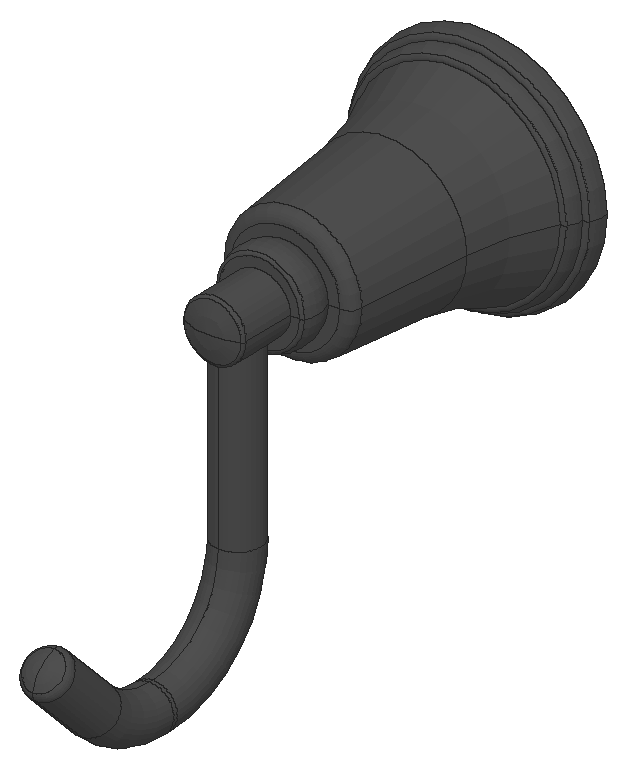
Revit family "Reece_Accessory_Posh_Canterbury_Robe Hook", category Plumbing Fixtures, Revit 2018
Family settings
  Round Connector Dimension = Use Diameter
  Part Type = Normal
  Work Plane-Based = Yes
  Always vertical = Yes
  Cut with Voids When Loaded = Yes
  Shared = Yes
  Room Calculation Point = Yes
Parameters (values of type "Matte Black")
  URL = "https://www.reece.com.au/product/-9509187"
  Type Comments = "Accessory"
  Reece_Product_Web Page = "https://www.reece.com.au/product/-9509187"
  Reece_Product_Type = "Accessory"  # constant formula
  Reece_Product_Sub Brand = "Canterbury"  # constant formula
  Reece_Product_Number = "9509187"
  Reece_Product_Mount = "Wall Mounted"
  Reece_Product_Description = "Posh Canterbury Robe Hook Matte Black"
  Reece_Product_Brand = "Posh"  # constant formula
  Reece_Overall_Width = 114 mm  # constant formula
  Reece_Overall_Height = 91 mm  # constant formula
  Reece_Overall_Diameter = 50 mm  # constant formula
  Reece_Material_Main = Reece_Brass_Matte Black
  Reece_Height_From_Level [instance] = 1000 mm
  Reece_Detail_Installation = "Wall Mounted"  # constant formula
  Reece_Detail_Disclaimer = "THIS FILE IS THE PROPERTY OF THE REECE GROUP. IT MAY NOT BE REPRODUCED, REVERSE-ENGINEERED OR MODIFIED. ANY REPUBLICATION, TRANSMISSION OR DISTRIBUTION FOR THE PURPOSE OF COMMERCIALLY EXPLOITING THE FILES IS PROHIBITED."  # constant formula
  Reece_Detail_Additional = "Robe Hook"  # constant formula
  Model = "Canterbury"
  Manufacturer = "Posh"
  Keynote = "Product #9509187, Reece_Accessory_Posh_Canterbury_Robe Hook - Matte Black"
  Disclaimer = "THIS FILE IS THE PROPERTY OF THE REECE GROUP. IT MAY NOT BE REPRODUCED, REVERSE-ENGINEERED OR MODIFIED. ANY REPUBLICATION, TRANSMISSION OR DISTRIBUTION FOR THE PURPOSE OF COMMERCIALLY EXPLOITING THE FILES IS PROHIBITED."  # constant formula
  Description = "Posh Canterbury Robe Hook Matte Black"
  Default Elevation = 0 mm
Types (3, lengths in mm): name | URL | Reece_Product_Web Page | Reece_Product_Number | Reece_Product_Description | Reece_Material_Main | Keynote | Description
  Chrome | "https://www.reece.com.au/product/-9508452" | "https://www.reece.com.au/product/-9508452" | "9508452" | "Posh Canterbury Robe Hook Chrome" | Reece_Brass_Chrome | "Product #9508452, Reece_Accessory_Posh_Canterbury_Robe Hook - Chrome" | "Posh Canterbury Robe Hook Chrome"
  Matte Black | "https://www.reece.com.au/product/-9509187" | "https://www.reece.com.au/product/-9509187" | "9509187" | "Posh Canterbury Robe Hook Matte Black" | Reece_Brass_Matte Black | "Product #9509187, Reece_Accessory_Posh_Canterbury_Robe Hook - Matte Black" | "Posh Canterbury Robe Hook Matte Black"
  Brass Gold | "https://www.reece.com.au/product/-9508453" | "https://www.reece.com.au/product/-9508453" | "9508453" | "Posh Canterbury Robe Hook Polished Brass Gold" | Reece_Brass_Gold | "Product #9508453, Reece_Accessory_Posh_Canterbury_Robe Hook - Brass Gold" | "Posh Canterbury Robe Hook Brass Gold"
Reference planes
  plane 1 "Center (Front/Back)": y = 0
  plane 2 "Bottom Host Plane": z = -5
  plane 3 "Center (Left/Right)": x = 0
  plane 4 "Height From Floor": z = 1000
  plane 5: y = -114
  plane 6: x = -25
  plane 7: x = 25
  plane 8: z = 1025
  plane 9: z = 934
Lines and regions (mm)
  model lines, style "InvisibleLines"
    curve 1: line (0, 0, -5) -> (0, 0, 1000)
Text (mm)
  text "Reece ©" at (2668.853, -2395.367, 2952.593), in view "Reece Preview"
  text "Reece Copyright © 2018, Reece Ltd." at (-247.475, -190.626, 0), in view "Ref. Level"
Dimensions and locks
  plane 2 "Bottom Host Plane" to level = 5 mm
  locked: level to plane 2 "Bottom Host Plane" at 5
  "Reece_Height_From_Level": plane 4 "Height From Floor" to level
  "Reece_Overall_Width": plane 1 "Center (Front/Back)" to plane 5
  equal spacing: plane 6, plane 3 "Center (Left/Right)", plane 7
  "Reece_Overall_Diameter": plane 7 to plane 6
  locked: plane 8 to plane 4 "Height From Floor" at 25
  "Reece_Overall_Height": plane 8 to plane 9
  aligned and locked: plane 2 "Bottom Host Plane" to curve 1
  aligned and locked: plane 4 "Height From Floor" to curve 1
  aligned and locked: plane 4 "Height From Floor" to nested 1
Automatic sketch dimensions
  curve 1 to plane 3 "Center (Left/Right)" = 0 mm
Nested families
  nested 1: "Reece_Accessory_Posh_Canterbury_Robe Hook_Nested" at (-4, 0, 1000) x (-1, 0, 0) z (0, -1, 0), Reece_Material_Main <- "Reece_Material_Main", type "Chrome"
    with Reece_Material_Main Reece_Brass_Matte Black
Definition of nested family "Reece_Accessory_Posh_Canterbury_Robe Hook_Nested"
  Parameters (values of type "Chrome")
    WFU = 0  # constant formula
    Reece_Overall_Length = 50 mm
    Reece_Material_Main [instance] = none
    HWFU = 0  # constant formula
    Default Elevation = 1000 mm
    CWFU = 0  # constant formula
  Reference planes
    plane 1 "Center (Front/Back)": y = 0
    plane 2: z = 0
    plane 3 "Center (Left/Right)": x = -4
    plane 4: x = -29
    plane 5: x = 21
  Forms (mm)
    Extrusion 1, solid
      sketch origin (619.2, -619.2, 0) x (1, 0, 0) y (0, 1, 0)
        loop
          line (-714.004, 715.618) -> (-714.004, 527.891) -> (-529.957, 527.891) -> (-529.957, 715.618) -> (-714.004, 715.618)
      from 0 to -30
    Sweep 2, solid, material <- "Reece_Material_Main"
      path origin (-4, -500, 0) x (0, 0, -1) y (0, 1, 0)
        loop
          line (-57.375, 500) -> (-57.375, 460)
          arc (-57.375, 460) -> (-64.99, 441.615) -> (-83.375, 434) r 26
          line (-83.375, 434) -> (-84.222, 434)
          arc (-84.222, 434) -> (-93.7, 435.885) -> (-101.735, 441.254) r 24.767
          line (-101.735, 441.254) -> (-113.284, 452.804)
      profile origin (-4, -20, 57.375) x (0, 0, -1) y (1, 0, 0)
        loop
          circle (-4.75, 0) r 4.75
    Revolve 3, solid, material <- "Reece_Material_Main"
      sketch origin (-4, -500, 0) x (0, 0, -1) y (0, 1, 0)
        loop
          line (-109.926, 456.163) -> (-111.897, 458.134)
          arc (-111.897, 458.134) -> (-113.114, 456.504) -> (-113.816, 454.594) r 7.071
          arc (-113.816, 454.594) -> (-113.777, 453.632) -> (-113.284, 452.804) r 1.96
          line (-113.284, 452.804) -> (-109.926, 456.163)
        axis (-109.926, 456.163) -> (-111.897, 458.134)
      angle from 0 to 360
    Revolve 4, solid, material <- "Reece_Material_Main"
      sketch origin (-4, 0, 0) x (-1, 0, 0) y (0, 0, 1)
        loop
          arc (25, 0) -> (24.877, 1.69) -> (24.31, 3.286) r 6.319
          arc (24.31, 3.286) -> (23.84, 3.751) -> (23.187, 3.853) r 1.071
          arc (23.187, 3.853) -> (23.004, 5.387) -> (22.295, 6.76) r 4.347
          arc (22.295, 6.76) -> (21.804, 7.102) -> (21.205, 7.098) r 0.989
          arc (21.205, 7.098) -> (17.81, 15.378) -> (15.942, 24.131) r 50.139
          arc (15.942, 24.131) -> (14.652, 35.886) -> (13.635, 47.668) r 508.618
          arc (13.635, 47.668) -> (12.833, 49.335) -> (11.11, 50.011) r 2.532
          line (11.11, 50.011) -> (8.661, 50.011)
          arc (8.661, 50.011) -> (9.461, 53.011) -> (8.893, 56.062) r 7.033
          arc (8.893, 56.062) -> (8.616, 56.393) -> (8.203, 56.516) r 0.751
          line (8.203, 56.516) -> (6.202, 56.516) -> (6.202, 67.632)
          arc (6.202, 67.632) -> (6.078, 68.044) -> (5.749, 68.32) r 0.75
          arc (5.749, 68.32) -> (2.935, 69.206) -> (0, 69.505) r 14.545
          line (0, 69.505) -> (0, 0) -> (25, 0)
        axis (0, 0) -> (0, 69.505)
      angle from 0 to 360
  Cuts and joins
    joined: Sweep 2, Revolve 3, Revolve 4
  Text (mm)
    text "Reece Copyright © 2018, Reece Ltd." at (-378.57, -123.478, 0), in view "Ref. Level"
    text "Reece ©" at (408.528, -766.776, 506.903), in view "Reece_Preview"
  Dimensions and locks
    equal spacing: plane 4, plane 3 "Center (Left/Right)", plane 5
    "Reece_Overall_Length": plane 4 to plane 5
    aligned and locked: plane 2 to Extrusion 1
    aligned and locked: level to Extrusion 1
  Automatic sketch dimensions
    Extrusion 1 sketch curve to Extrusion 1 sketch curve = 184.047 mm
    Extrusion 1 sketch curve to Extrusion 1 sketch curve = 187.727 mm
    Sweep 2 sketch curve to plane 1 "Center (Front/Back)" = 0 mm
    level to Sweep 2 sketch curve = 101.735 mm
    Sweep 2 sketch curve to Sweep 2 sketch curve = 17.513 mm
    Sweep 2 sketch curve to Sweep 2 sketch curve = 0.847 mm
    Sweep 2 sketch curve to Sweep 2 sketch curve = 26 mm
    plane 1 "Center (Front/Back)" to Sweep 2 sketch curve = 40 mm
    Sweep 2 sketch curve to Sweep 2 sketch curve = 1.233 mm
    plane 1 "Center (Front/Back)" to Sweep 2 sketch curve = 47.196 mm
    Sweep 2 sketch curve to profile plane = 0 mm
    profile plane to Sweep 2 sketch curve = 4.75 mm
    Revolve 4 sketch curve to level = 0 mm
    plane 3 "Center (Left/Right)" to Revolve 4 sketch curve = 0 mm  (x2)
    Revolve 4 sketch curve to plane 3 "Center (Left/Right)" = 2.434 mm
    Revolve 4 sketch curve to plane 3 "Center (Left/Right)" = 5.452 mm
    Revolve 4 sketch curve to plane 3 "Center (Left/Right)" = 6.202 mm
    Revolve 4 sketch curve to Revolve 4 sketch curve = 2.001 mm
    Revolve 4 sketch curve to plane 3 "Center (Left/Right)" = 8.661 mm
    Revolve 4 sketch curve to Revolve 4 sketch curve = 2.449 mm
    level to Revolve 4 sketch curve = 0.391 mm
    Revolve 4 sketch curve to plane 4 = 6.307 mm
    Revolve 4 sketch curve to Revolve 4 sketch curve = 0.155 mm
    Revolve 4 sketch curve to Revolve 4 sketch curve = 2.662 mm
    Revolve 4 sketch curve to Revolve 4 sketch curve = 1.846 mm
    Revolve 4 sketch curve to Revolve 4 sketch curve = 1.643 mm
    plane 4 to Revolve 4 sketch curve = 40.715 mm
    level to Revolve 4 sketch curve = 85.501 mm
    Revolve 4 sketch curve to Revolve 4 sketch curve = 455.129 mm
    level to Revolve 4 sketch curve = 2.795 mm
    Revolve 4 sketch curve to Revolve 4 sketch curve = 3.721 mm
    Revolve 4 sketch curve to Revolve 4 sketch curve = 2.045 mm
    level to Revolve 4 sketch curve = 30.18 mm
    Revolve 4 sketch curve to Revolve 4 sketch curve = 41.322 mm
    Revolve 4 sketch curve to Revolve 4 sketch curve = 2.532 mm
    Revolve 4 sketch curve to Revolve 4 sketch curve = 3.269 mm
    Revolve 4 sketch curve to Revolve 4 sketch curve = 1.679 mm
    Revolve 4 sketch curve to Revolve 4 sketch curve = 5.754 mm
    Revolve 4 sketch curve to Revolve 4 sketch curve = 0.751 mm
    Revolve 4 sketch curve to Revolve 4 sketch curve = 11.116 mm
    Revolve 4 sketch curve to Revolve 4 sketch curve = 1.873 mm
    Revolve 4 sketch curve to Revolve 4 sketch curve = 0 mm  (x3)
    Revolve 4 sketch curve to Revolve 4 sketch curve = 0.306 mm
    Revolve 4 sketch curve to Revolve 4 sketch curve = 0.17 mm
    Revolve 4 sketch curve to level = 12.283 mm
    Revolve 4 sketch curve to Revolve 4 sketch curve = 0.301 mm
    plane 1 "Center (Front/Back)" to Revolve 3 sketch curve = 47.196 mm
    level to Revolve 3 sketch curve = 113.284 mm
    Revolve 3 sketch curve to Revolve 3 sketch curve = 1.386 mm  (x2)
    plane 1 "Center (Front/Back)" to Revolve 3 sketch curve = 41.866 mm
    Revolve 3 sketch curve to Revolve 3 sketch curve = 0.001 mm
    plane 1 "Center (Front/Back)" to Revolve 3 sketch curve = 43.837 mm
    Revolve 3 sketch curve to Revolve 3 sketch curve = 3.028 mm  (x2)
    plane 1 "Center (Front/Back)" to Revolve 3 sketch curve = 41.03 mm
    Revolve 3 sketch curve to Revolve 3 sketch curve = 0.836 mm
    plane 1 "Center (Front/Back)" to Revolve 3 sketch curve = 43.492 mm
    Revolve 3 sketch curve to Revolve 3 sketch curve = 0.345 mm
    radius of Sweep 2 sketch curve = 4.75 mm
